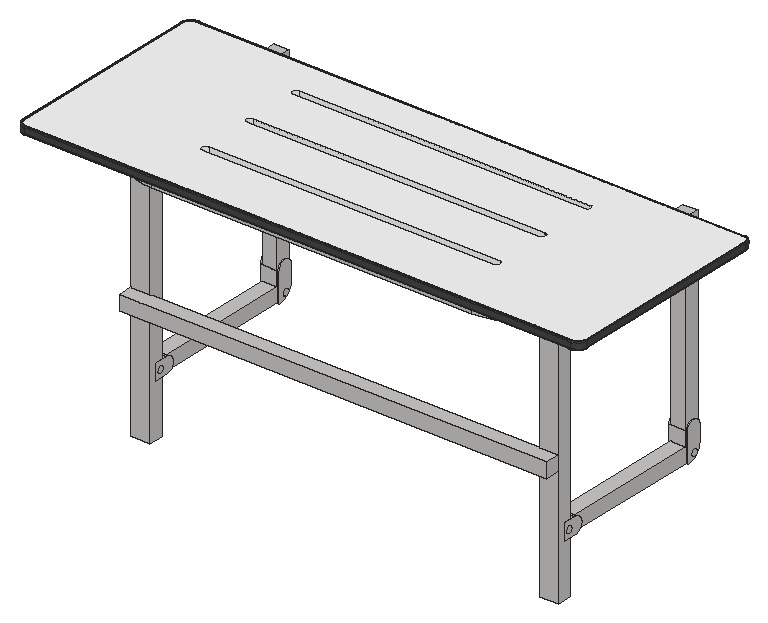
Revit family "Shower Seat_Metlam_Folding_Support Legs and Handle", category Specialty Equipment, Revit 2016
Family settings
  Part Type = Normal
  Round Connector Dimension = Use Diameter
  OmniClass Number = 23.45.05.14.11.17
  OmniClass Title = Shower/Bath Seats
  Work Plane-Based = No
  Always vertical = Yes
  Cut with Voids When Loaded = No
  Shared = No
  Room Calculation Point = Yes
Parameters (values of type "960w x 400d x 480h (ML995_PH)")
  URL = "http://www.metlam.com.au/"
  Type Comments = "Shower Seats"  # constant formula
  Model = "ML995_PH"
  Material_ANZRS = z_Metlam_White
  Frame_Material = z_Metlam_Metal_Stainless Steel_Satin
  Manufacturer_URL__Product Specific = "https://www.metlam.com.au/product/content/shower-seats-shower-related/ML995_PH"
  Manufacturer_Spec Code = Model  # "ML995_PH"
  Manufacturer_Overall Width = 960 mm
  Manufacturer_Overall Height = 480 mm
  Manufacturer_Overall Depth = 400 mm
  Manufacturer_Height From FFL [instance] = 480 mm
  Manufacturer = "Metlam"  # constant formula
  Keynote = ""
  Seat Edge_Material = z_Metlam_Black
  Description = "Phenolic Compound Folding Shower Seat with Handle"  # constant formula
  CreatedBy_ANZRS = "IGS BIM Solutions"  # constant formula
  CreatedByURL_ANZRS = "http://www.igsgroup.com.au/"
  Assembly Code = ""
Reference planes
  plane 1 "Ref. Level": z = 0
  plane 2 "Front": y = -620.9
  plane 3 "Center (Left/Right)": x = -194.828
  plane 4 "Right": x = 285.172
  plane 5 "Bottom": z = 0
  plane 6 "Left": x = -674.828
  plane 7 "Back": y = -220.9
  plane 8 "Center (Front/Back)": y = -420.9
  plane 9 "Top": z = 480
  plane 10 "Handle_Top": z = 227
Forms (mm)
  Extrusion 1, solid, material "z_Metlam_White" <- "Material_ANZRS"
    sketch origin (0, 0, 480) x (-1, 0, 0) y (0, -1, 0)
      loop
        arc (434.915, 317.755) -> (441.015, 323.855) -> (434.915, 329.955) r 6.1
        line (434.915, 329.955) -> (-60.789, 329.955)
        arc (-60.789, 329.955) -> (-66.889, 323.855) -> (-60.789, 317.755) r 6.1
        line (-60.789, 317.755) -> (434.915, 317.755)
      loop
        arc (435.579, 414.645) -> (441.678, 420.745) -> (435.579, 426.845) r 6.1
        line (435.579, 426.845) -> (-60.126, 426.845)
        arc (-60.126, 426.845) -> (-66.226, 420.745) -> (-60.126, 414.645) r 6.1
        line (-60.126, 414.645) -> (435.579, 414.645)
      loop
        arc (434.25, 511.221) -> (440.349, 517.321) -> (434.25, 523.421) r 6.1
        line (434.25, 523.421) -> (-61.455, 523.421)
        arc (-61.455, 523.421) -> (-67.554, 517.321) -> (-61.455, 511.221) r 6.1
        line (-61.455, 511.221) -> (434.25, 511.221)
      loop
        arc (659.828, 255.354) -> (668.667, 259.015) -> (672.328, 267.854) r 12.5
        line (672.328, 267.854) -> (672.328, 605.9)
        arc (672.328, 605.9) -> (668.667, 614.738) -> (659.828, 618.4) r 12.5
        line (659.828, 618.4) -> (-270.172, 618.4)
        arc (-270.172, 618.4) -> (-279.011, 614.738) -> (-282.672, 605.9) r 12.5
        line (-282.672, 605.9) -> (-282.672, 267.854)
        arc (-282.672, 267.854) -> (-279.011, 259.015) -> (-270.172, 255.354) r 12.5
        line (-270.172, 255.354) -> (659.828, 255.354)
    from -13.011 to 0
  Extrusion 2, solid, material "z_Metlam_Metal_Stainless Steel_Satin" <- "Frame_Material"
    sketch origin (-674.828, 0, 0) x (0, 0, 1) y (0, -1, 0)
      loop
        arc (465.532, 490.998) -> (458.463, 510.523) -> (440.532, 520.998) r 30.5
        line (440.532, 520.998) -> (440.532, 470.599)
        arc (440.532, 470.599) -> (453.032, 458.099) -> (465.532, 470.599) r 12.5
        line (465.532, 470.599) -> (465.532, 490.998)
    from 116.5 to 148.5
  Extrusion 3, solid, material "z_Metlam_Metal_Stainless Steel_Satin" <- "Frame_Material"
    sketch origin (285.172, 0, 0) x (0, 0, 1) y (0, 1, 0)
      loop
        line (465.532, -490.998) -> (465.532, -470.599)
        arc (465.532, -470.599) -> (453.032, -458.099) -> (440.532, -470.599) r 12.5
        line (440.532, -470.599) -> (440.532, -520.998)
        arc (440.532, -520.998) -> (458.463, -510.523) -> (465.532, -490.998) r 30.5
    from 116.5 to 148.5
  Sweep 4, solid, material "z_Metlam_Metal_Stainless Steel_Satin" <- "Frame_Material"
    path origin (0, 0, 480) x (-1, 0, 0) y (0, -1, 0)
      loop
        line (-152.672, 245.9) -> (-152.672, 502.854)
        arc (-152.672, 502.854) -> (-130.705, 555.887) -> (-77.672, 577.854) r 75
        line (-77.672, 577.854) -> (467.328, 577.854)
        arc (467.328, 577.854) -> (520.361, 555.887) -> (542.328, 502.854) r 75
        line (542.328, 502.854) -> (542.328, 245.9)
    profile origin (-542.328, -374.377, 480) x (-1, 0, 0) y (0, 0, 1)
      loop
        line (12.5, -13.011) -> (-12.5, -13.011) -> (-12.5, -39.468) -> (12.5, -39.468) -> (12.5, -13.011)
  Extrusion 5, solid, material "z_Metlam_Metal_Stainless Steel_Satin" <- "Frame_Material"
    sketch origin (0, 0, 0) x (-1, 0, 0) y (0, -1, 0)
      loop
        line (558.328, 520.998) -> (526.328, 520.998) -> (526.328, 495.998) -> (558.328, 495.998) -> (558.328, 520.998)
      loop
        line (-168.672, 520.998) -> (-168.672, 495.998) -> (-136.672, 495.998) -> (-136.672, 520.998) -> (-168.672, 520.998)
    from 0 to 440.532
  Sweep 6, solid, material "z_Metlam_Black" <- "Seat Edge_Material"
    path in 3D
      loop
        arc (270.172, -618.4, 480) -> (279.011, -614.738, 480) -> (282.672, -605.9, 480) r 12.5
        line (282.672, -605.9, 480) -> (282.672, -267.854, 480)
        arc (282.672, -267.854, 480) -> (279.011, -259.015, 480) -> (270.172, -255.354, 480) r 12.5
        line (270.172, -255.354, 480) -> (-659.828, -255.354, 480)
        arc (-659.828, -255.354, 480) -> (-668.667, -259.015, 480) -> (-672.328, -267.854, 480) r 12.5
        line (-672.328, -267.854, 480) -> (-672.328, -605.9, 480)
        arc (-672.328, -605.9, 480) -> (-668.667, -614.738, 480) -> (-659.828, -618.4, 480) r 12.5
        line (-659.828, -618.4, 480) -> (270.172, -618.4, 480)
    profile origin (-194.828, -618.4, 480) x (0, 1, 0) y (0, 0, 1)
      loop
        line (0, 0) -> (-1, 0)
        arc (-1, 0) -> (-2.061, -0.439) -> (-2.5, -1.5) r 1.5
        line (-2.5, -1.5) -> (-2.5, -11.511)
        arc (-2.5, -11.511) -> (-2.061, -12.572) -> (-1, -13.011) r 1.5
        line (-1, -13.011) -> (0, -13.011) -> (0, 0)
  Extrusion 7, solid, material "z_Metlam_Metal_Stainless Steel_Satin" <- "Frame_Material"
    sketch origin (-674.828, 0, 0) x (0, 0, 1) y (0, -1, 0)
      loop
        circle (453.76, 473.181) r 5
    from 115 to 150
  Extrusion 8, solid, material "z_Metlam_Metal_Stainless Steel_Satin" <- "Frame_Material"
    sketch origin (285.172, 0, 0) x (0, 0, 1) y (0, 1, 0)
      loop
        circle (453.76, -473.181) r 5
    from 115 to 150
  Extrusion 9, solid, material "z_Metlam_Metal_Stainless Steel_Satin" <- "Frame_Material"
    sketch origin (0, -620.9, 0) x (-1, 0, 0) y (0, 0, 1)
      loop
        line (558.328, 227) -> (-168.672, 227) -> (-168.672, 202) -> (558.328, 202) -> (558.328, 227)
    from 74.9 to 99.902
  Extrusion 10, solid, material "z_Metlam_Metal_Stainless Steel_Satin" <- "Frame_Material"
    sketch origin (285.172, 0, 0) x (0, 0, 1) y (0, 1, 0)
      loop
        line (117.062, -495.998) -> (117.062, -245.9) -> (92, -245.9) -> (92, -495.998) -> (117.062, -495.998)
    from 120 to 145
  Extrusion 11, solid, material "z_Metlam_Metal_Stainless Steel_Satin" <- "Frame_Material"
    sketch origin (285.172, 0, 0) x (0, 0, 1) y (0, 1, 0)
      loop
        line (141.792, -220.9) -> (115.768, -220.9)
        arc (115.768, -220.9) -> (98.961, -227.861) -> (92, -244.667) r 23.768
        line (92, -244.667) -> (92, -245.9) -> (141.792, -245.9)
        arc (141.792, -245.9) -> (154.292, -233.4) -> (141.792, -220.9) r 12.5
    from 116.5 to 148.5
  Extrusion 12, solid, material "z_Metlam_Metal_Stainless Steel_Satin" <- "Frame_Material"
    sketch origin (-674.828, 0, 0) x (0, 0, 1) y (0, -1, 0)
      loop
        arc (141.792, 220.9) -> (154.292, 233.4) -> (141.792, 245.9) r 12.5
        line (141.792, 245.9) -> (92, 245.9) -> (92, 244.667)
        arc (92, 244.667) -> (98.961, 227.861) -> (115.768, 220.9) r 23.768
        line (115.768, 220.9) -> (141.792, 220.9)
    from 116.5 to 148.5
  Extrusion 13, solid, material "z_Metlam_Metal_Stainless Steel_Satin" <- "Frame_Material"
    sketch origin (-674.828, 0, 0) x (0, 0, 1) y (0, -1, 0)
      loop
        line (117.062, 495.998) -> (92, 495.998) -> (92, 245.9) -> (117.062, 245.9) -> (117.062, 495.998)
    from 120 to 145
  Extrusion 14, solid, material "z_Metlam_Metal_Stainless Steel_Satin" <- "Frame_Material"
    sketch origin (285.172, 0, -0.697) x (0, 0, 1) y (0, 1, 0)
      loop
        circle (105.228, -233.181) r 5
    from 115 to 150
  Extrusion 15, solid, material "z_Metlam_Metal_Stainless Steel_Satin" <- "Frame_Material"
    sketch origin (-674.828, 0, -0.697) x (0, 0, 1) y (0, -1, 0)
      loop
        circle (105.228, 233.181) r 5
    from 115 to 150
  Extrusion 16, solid, material "z_Metlam_Metal_Stainless Steel_Satin" <- "Frame_Material"
    sketch origin (-674.828, 0, 0) x (0, 0, 1) y (0, -1, 0)
      loop
        line (91.031, 508.846) -> (91.031, 486.585)
        arc (91.031, 486.585) -> (104.531, 473.085) -> (118.031, 486.585) r 13.5
        line (118.031, 486.585) -> (118.031, 508.846) -> (91.031, 508.846)
    from 115.5 to 149.5
  Extrusion 17, solid, material "z_Metlam_Metal_Stainless Steel_Satin" <- "Frame_Material"
    sketch origin (-674.828, 0, 0) x (0, 0, 1) y (0, -1, 0)
      loop
        circle (104.531, 500.346) r 5
    from 115 to 150
  Extrusion 18, solid, material "z_Metlam_Metal_Stainless Steel_Satin" <- "Frame_Material"
    sketch origin (285.172, 0, 0) x (0, 0, 1) y (0, 1, 0)
      loop
        line (91.031, -508.846) -> (118.031, -508.846) -> (118.031, -486.585)
        arc (118.031, -486.585) -> (104.531, -473.085) -> (91.031, -486.585) r 13.5
        line (91.031, -486.585) -> (91.031, -508.846)
    from 115.5 to 149.5
  Extrusion 19, solid, material "z_Metlam_Metal_Stainless Steel_Satin" <- "Frame_Material"
    sketch origin (285.172, 0, 0) x (0, 0, 1) y (0, 1, 0)
      loop
        circle (104.531, -500.346) r 5
    from 115 to 150
  Extrusion 20, solid, material "z_Metlam_Metal_Stainless Steel_Satin" <- "Frame_Material"
    sketch origin (-674.828, 0, 0) x (0, 0, 1) y (0, -1, 0)
      loop
        line (466.989, 220.9) -> (466.989, 245.9) -> (117.062, 245.9) -> (117.062, 220.9) -> (466.989, 220.9)
    from 120 to 145
  Extrusion 21, solid, material "z_Metlam_Metal_Stainless Steel_Satin" <- "Frame_Material"
    sketch origin (285.172, 0, 0) x (0, 0, 1) y (0, 1, 0)
      loop
        line (466.989, -220.9) -> (117.062, -220.9) -> (117.062, -245.9) -> (466.989, -245.9) -> (466.989, -220.9)
    from 120 to 145
  Extrusion 22, solid, material "z_Metlam_Metal_Stainless Steel_Satin" <- "Frame_Material"
    sketch origin (-674.828, 0, 348.532) x (0, 0, 1) y (0, -1, 0)
      loop
        circle (105.228, 233.181) r 5
    from 115 to 150
  Extrusion 23, solid, material "z_Metlam_Metal_Stainless Steel_Satin" <- "Frame_Material"
    sketch origin (285.172, 0, 0) x (0, 0, 1) y (0, 1, 0)
      loop
        circle (453.76, -233.181) r 5
    from 115 to 150
Cuts and joins
  joined: Extrusion 2, Extrusion 7
  joined: Extrusion 3, Extrusion 8
  joined: Extrusion 5, Extrusion 10, Extrusion 13, Extrusion 16, Extrusion 17, Extrusion 18, Extrusion 19
  joined: Extrusion 11, Extrusion 14
  joined: Extrusion 20, Extrusion 22
  joined: Extrusion 21, Extrusion 23
Lines and regions (mm)
  Masking region 1
    outline origin (0, 0, 1022) x (-1, 0, 0) y (0, -1, 0)
      loop
        line (-270.172, 252.854) -> (-165.172, 252.854) -> (-165.172, 245.9) -> (-168.672, 245.9) -> (-168.672, 220.9) -> (-136.672, 220.9) -> (-136.672, 245.9) -> (-140.172, 245.9) -> (-140.172, 252.854) -> (529.828, 252.854) -> (529.828, 245.9) -> (526.328, 245.9) -> (526.328, 220.9) -> (558.328, 220.9) -> (558.328, 245.9) -> (554.828, 245.9) -> (554.828, 252.854) -> (659.828, 252.854)
        arc (659.828, 252.854) -> (670.435, 257.247) -> (674.828, 267.854) r 15
        line (674.828, 267.854) -> (674.828, 605.9)
        arc (674.828, 605.9) -> (670.435, 616.506) -> (659.828, 620.9) r 15
        line (659.828, 620.9) -> (-270.172, 620.9)
        arc (-270.172, 620.9) -> (-280.778, 616.506) -> (-285.172, 605.9) r 15
        line (-285.172, 605.9) -> (-285.172, 267.854)
        arc (-285.172, 267.854) -> (-280.778, 257.247) -> (-270.172, 252.854) r 15
      loop
        arc (434.915, 315.255) -> (441.015, 321.355) -> (434.915, 327.455) r 6.1
        line (434.915, 327.455) -> (-60.789, 327.455)
        arc (-60.789, 327.455) -> (-66.889, 321.355) -> (-60.789, 315.255) r 6.1
        line (-60.789, 315.255) -> (434.915, 315.255)
      loop
        arc (435.579, 414.645) -> (441.678, 420.745) -> (435.579, 426.845) r 6.1
        line (435.579, 426.845) -> (-60.126, 426.845)
        arc (-60.126, 426.845) -> (-66.226, 420.745) -> (-60.126, 414.645) r 6.1
        line (-60.126, 414.645) -> (435.579, 414.645)
      loop
        arc (434.25, 511.221) -> (441.599, 518.571) -> (434.25, 525.921) r 7.35
        line (434.25, 525.921) -> (-61.455, 525.921)
        arc (-61.455, 525.921) -> (-68.804, 518.571) -> (-61.455, 511.221) r 7.35
        line (-61.455, 511.221) -> (434.25, 511.221)
  symbolic lines, style "Bathroom Fixtures", detail levels medium+fine
    curve 1: line (-558.328, -245.9, 1022) -> (-526.328, -245.9, 1022)
    curve 2: line (-554.828, -252.854, 1022) -> (-529.828, -252.854, 1022)
    curve 3: line (140.172, -252.854, 1022) -> (165.172, -252.854, 1022)
    curve 4: line (168.672, -245.9, 1022) -> (136.672, -245.9, 1022)
  sketch lines
    curve 5: line (-659.828, -618.4, 480) -> (270.172, -618.4, 480)
    curve 6: arc (282.672, -605.9, 480) -> (279.011, -614.738, 480) -> (270.172, -618.4, 480) r 12.5
    curve 7: line (282.672, -605.9, 480) -> (282.672, -267.854, 480)
    curve 8: arc (270.172, -255.354, 480) -> (279.011, -259.015, 480) -> (282.672, -267.854, 480) r 12.5
    curve 9: line (270.172, -255.354, 480) -> (-659.828, -255.354, 480)
    curve 10: arc (-672.328, -267.854, 480) -> (-668.667, -259.015, 480) -> (-659.828, -255.354, 480) r 12.5
    curve 11: line (-672.328, -267.854, 480) -> (-672.328, -605.9, 480)
    curve 12: arc (-659.828, -618.4, 480) -> (-668.667, -614.738, 480) -> (-672.328, -605.9, 480) r 12.5
Text (mm)
  text "> Contact Manufacturer to confirm feasibility of design variations outside the scope of this Revit Family\n\n\n\nDisclaimer:\n\nDue to ongoing product development and manufacturing evolution, product details are subject to change without notice. Please refer to product technical data sheets on the manufacturer’s website for the most current product information. Please allow a +/- 5mm manufacturing tolerance for dimensions and set-outs shown in product literature." at (515.291, -142.972, 0), in view "Ref. Level_Instruction"
Dimensions and locks
  "Manufacturer_Overall Width": plane 6 "Left" to plane 4 "Right"
  "Manufacturer_Overall Depth": plane 2 "Front" to plane 7 "Back"
  "Manufacturer_Height From FFL": plane 9 "Top" to level
  equal spacing: plane 2 "Front", plane 8 "Center (Front/Back)", plane 7 "Back"
  equal spacing: plane 6 "Left", plane 3 "Center (Left/Right)", plane 4 "Right"
  locked: plane 9 "Top" to plane 10 "Handle_Top" at 253
  "Manufacturer_Overall Height": plane 9 "Top" to plane 5 "Bottom"
  aligned and locked: level to plane 1 "Ref. Level"
  aligned and locked: Extrusion 2 to cut or joined group of Extrusion 5, Extrusion 10, Extrusion 13, Extrusion 16, Extrusion 17, Extrusion 18, Extrusion 19
Automatic sketch dimensions
  plane 7 "Back" to curve 4 = 25 mm
  plane 4 "Right" to curve 4 = 116.5 mm
  curve 4 to curve 3 = 3.5 mm
  curve 3 to curve 3 = 25 mm
  curve 3 to curve 4 = 3.5 mm
  plane 7 "Back" to curve 1 = 25 mm
  plane 6 "Left" to curve 1 = 148.5 mm
  curve 1 to curve 2 = 3.5 mm
  curve 2 to curve 2 = 25 mm
  curve 2 to curve 1 = 3.5 mm
  curve 4 to curve 3 = 6.954 mm
  curve 1 to curve 2 = 6.954 mm
  plane 4 "Right" to Extrusion 1 sketch curve = 2.5 mm
  Extrusion 1 sketch curve to Extrusion 1 sketch curve = 12.5 mm  (x2)
  Extrusion 1 sketch curve to plane 8 "Center (Front/Back)" = 96.422 mm
  plane 4 "Right" to Extrusion 1 sketch curve = 223.717 mm
  plane 8 "Center (Front/Back)" to Extrusion 1 sketch curve = 90.945 mm
  Extrusion 1 sketch curve to Extrusion 1 sketch curve = 0.665 mm  (x2)
  plane 8 "Center (Front/Back)" to Extrusion 1 sketch curve = 0.154 mm
  Extrusion 1 sketch curve to Extrusion 1 sketch curve = 1.329 mm  (x2)
  Extrusion 1 sketch curve to plane 8 "Center (Front/Back)" = 90.322 mm
  Extrusion 1 sketch curve to plane 3 "Center (Left/Right)" = 239.421 mm
  plane 6 "Left" to Extrusion 1 sketch curve = 15 mm  (x2)
  plane 6 "Left" to Extrusion 1 sketch curve = 2.5 mm
  Extrusion 1 sketch curve to Extrusion 1 sketch curve = 6.1 mm  (x2)
  plane 7 "Back" to Extrusion 1 sketch curve = 46.954 mm
  plane 2 "Front" to Extrusion 1 sketch curve = 15 mm
  Extrusion 2 sketch curve to plane 9 "Top" = 44.968 mm
  Extrusion 2 sketch curve to Extrusion 2 sketch curve = 5.5 mm
  Extrusion 2 sketch curve to Extrusion 2 sketch curve = 12.5 mm
  Extrusion 2 sketch curve to plane 8 "Center (Front/Back)" = 49.699 mm
  Extrusion 2 sketch curve to Extrusion 2 sketch curve = 20.399 mm
  plane 9 "Top" to Extrusion 3 sketch curve = 44.968 mm
  Extrusion 3 sketch curve to Extrusion 3 sketch curve = 5.5 mm
  Extrusion 3 sketch curve to Extrusion 3 sketch curve = 12.5 mm
  plane 8 "Center (Front/Back)" to Extrusion 3 sketch curve = 49.699 mm
  Extrusion 3 sketch curve to Extrusion 3 sketch curve = 20.399 mm
  plane 4 "Right" to Sweep 4 sketch curve = 132.5 mm
  Sweep 4 sketch curve to Sweep 4 sketch curve = 75 mm  (x2)
  Sweep 4 sketch curve to plane 8 "Center (Front/Back)" = 81.954 mm
  plane 6 "Left" to Sweep 4 sketch curve = 207.5 mm
  plane 7 "Back" to Sweep 4 sketch curve = 25 mm  (x2)
  profile plane to Sweep 4 sketch curve = 12.5 mm
  Sweep 4 sketch curve to profile plane = 12.5 mm
  Sweep 4 sketch curve to profile plane = 39.468 mm
  Sweep 4 sketch curve to profile plane = 13.011 mm
  plane 4 "Right" to Extrusion 5 sketch curve = 116.5 mm
  Extrusion 5 sketch curve to Extrusion 5 sketch curve = 32 mm  (x2)
  plane 6 "Left" to Extrusion 5 sketch curve = 148.5 mm
  Extrusion 5 sketch curve to plane 8 "Center (Front/Back)" = 75.098 mm  (x2)
  Extrusion 5 sketch curve to Extrusion 5 sketch curve = 25 mm  (x2)
  Sweep 6 sketch curve to profile plane = 0 mm  (x2)
  profile plane to Sweep 6 sketch curve = 1 mm  (x2)
  Sweep 6 sketch curve to Sweep 6 sketch curve = 1.5 mm
  Sweep 6 sketch curve to Sweep 6 sketch curve = 10.011 mm
  Extrusion 7 sketch curve to plane 9 "Top" = 26.24 mm
  Extrusion 7 sketch curve to plane 8 "Center (Front/Back)" = 52.282 mm
  plane 9 "Top" to Extrusion 8 sketch curve = 26.24 mm
  plane 8 "Center (Front/Back)" to Extrusion 8 sketch curve = 52.282 mm
  Extrusion 9 sketch curve to plane 10 "Handle_Top" = 0 mm
  plane 4 "Right" to Extrusion 9 sketch curve = 116.5 mm
  Extrusion 9 sketch curve to plane 10 "Handle_Top" = 25 mm
  plane 6 "Left" to Extrusion 9 sketch curve = 116.5 mm
  Extrusion 10 sketch curve to plane 5 "Bottom" = 92 mm
  Extrusion 10 sketch curve to Extrusion 10 sketch curve = 25.062 mm
  Extrusion 10 sketch curve to plane 7 "Back" = 25 mm
  plane 8 "Center (Front/Back)" to Extrusion 10 sketch curve = 75.098 mm
  Extrusion 11 sketch curve to plane 7 "Back" = 0 mm
  Extrusion 11 sketch curve to plane 7 "Back" = 25 mm
  Extrusion 11 sketch curve to plane 5 "Bottom" = 92 mm
  Extrusion 11 sketch curve to Extrusion 11 sketch curve = 23.768 mm
  Extrusion 11 sketch curve to Extrusion 11 sketch curve = 26.024 mm
  Extrusion 12 sketch curve to plane 7 "Back" = 0 mm
  plane 7 "Back" to Extrusion 12 sketch curve = 25 mm
  plane 5 "Bottom" to Extrusion 12 sketch curve = 92 mm
  plane 7 "Back" to Extrusion 12 sketch curve = 23.768 mm
  Extrusion 12 sketch curve to Extrusion 12 sketch curve = 26.024 mm
  plane 5 "Bottom" to Extrusion 13 sketch curve = 92 mm
  Extrusion 13 sketch curve to Extrusion 13 sketch curve = 25.062 mm
  plane 7 "Back" to Extrusion 13 sketch curve = 25 mm
  Extrusion 13 sketch curve to plane 8 "Center (Front/Back)" = 75.098 mm
  Extrusion 14 sketch curve to plane 7 "Back" = 12.282 mm
  Extrusion 14 sketch curve to plane 5 "Bottom" = 104.531 mm
  plane 7 "Back" to Extrusion 15 sketch curve = 12.282 mm
  plane 5 "Bottom" to Extrusion 15 sketch curve = 104.531 mm
  plane 5 "Bottom" to Extrusion 16 sketch curve = 91.031 mm
  Extrusion 16 sketch curve to Extrusion 16 sketch curve = 13.5 mm
  Extrusion 16 sketch curve to plane 8 "Center (Front/Back)" = 65.685 mm
  Extrusion 16 sketch curve to Extrusion 16 sketch curve = 22.262 mm
  plane 5 "Bottom" to Extrusion 17 sketch curve = 104.531 mm
  Extrusion 17 sketch curve to plane 8 "Center (Front/Back)" = 79.447 mm
  Extrusion 18 sketch curve to plane 5 "Bottom" = 91.031 mm
  Extrusion 18 sketch curve to Extrusion 18 sketch curve = 13.5 mm
  plane 8 "Center (Front/Back)" to Extrusion 18 sketch curve = 65.685 mm
  Extrusion 18 sketch curve to Extrusion 18 sketch curve = 22.262 mm
  Extrusion 19 sketch curve to plane 5 "Bottom" = 104.531 mm
  plane 8 "Center (Front/Back)" to Extrusion 19 sketch curve = 79.447 mm
  Extrusion 20 sketch curve to plane 7 "Back" = 0 mm
  Extrusion 20 sketch curve to plane 10 "Handle_Top" = 109.938 mm
  Extrusion 20 sketch curve to plane 9 "Top" = 13.011 mm
  plane 7 "Back" to Extrusion 20 sketch curve = 25 mm
  Extrusion 21 sketch curve to plane 7 "Back" = 0 mm
  plane 10 "Handle_Top" to Extrusion 21 sketch curve = 109.938 mm
  plane 9 "Top" to Extrusion 21 sketch curve = 13.011 mm
  Extrusion 21 sketch curve to plane 7 "Back" = 25 mm
  plane 7 "Back" to Extrusion 22 sketch curve = 12.282 mm
  Extrusion 22 sketch curve to plane 9 "Top" = 26.24 mm
  Extrusion 23 sketch curve to plane 7 "Back" = 12.282 mm
  plane 9 "Top" to Extrusion 23 sketch curve = 26.24 mm
  Masking region 1 sketch curve to plane 4 "Right" = 0 mm
  Masking region 1 sketch curve to plane 2 "Front" = 0 mm
  plane 7 "Back" to Masking region 1 sketch curve = 0 mm  (x2)
  Masking region 1 sketch curve to plane 6 "Left" = 0 mm
  plane 4 "Right" to Masking region 1 sketch curve = 15 mm
  plane 2 "Front" to Masking region 1 sketch curve = 15 mm
  Masking region 1 sketch curve to Masking region 1 sketch curve = 101.5 mm
  Masking region 1 sketch curve to Masking region 1 sketch curve = 3.5 mm  (x4)
  Masking region 1 sketch curve to Masking region 1 sketch curve = 25 mm  (x2)
  Masking region 1 sketch curve to plane 8 "Center (Front/Back)" = 97.672 mm
  plane 4 "Right" to Masking region 1 sketch curve = 223.717 mm
  Masking region 1 sketch curve to Masking region 1 sketch curve = 79.383 mm
  Masking region 1 sketch curve to plane 8 "Center (Front/Back)" = 5.945 mm
  Masking region 1 sketch curve to Masking region 1 sketch curve = 1.329 mm  (x2)
  Masking region 1 sketch curve to plane 8 "Center (Front/Back)" = 90.322 mm
  Masking region 1 sketch curve to plane 3 "Center (Left/Right)" = 239.421 mm
  plane 8 "Center (Front/Back)" to Masking region 1 sketch curve = 93.445 mm
  Masking region 1 sketch curve to Masking region 1 sketch curve = 0.665 mm
  plane 7 "Back" to Masking region 1 sketch curve = 25 mm  (x4)
  Masking region 1 sketch curve to Masking region 1 sketch curve = 91.413 mm
  plane 6 "Left" to Masking region 1 sketch curve = 15 mm  (x2)
  Masking region 1 sketch curve to Masking region 1 sketch curve = 6.954 mm  (x2)
  plane 7 "Back" to Masking region 1 sketch curve = 31.954 mm
  Masking region 1 sketch curve to Masking region 1 sketch curve = 12.2 mm
  plane 8 "Center (Front/Back)" to Masking region 1 sketch curve = 6.254 mm
  radius of Extrusion 7 sketch curve = 5 mm
  radius of Extrusion 8 sketch curve = 5 mm
  radius of Extrusion 14 sketch curve = 5 mm
  radius of Extrusion 15 sketch curve = 5 mm
  radius of Extrusion 17 sketch curve = 5 mm
  radius of Extrusion 19 sketch curve = 5 mm
  radius of Extrusion 22 sketch curve = 5 mm
  radius of Extrusion 23 sketch curve = 5 mm
